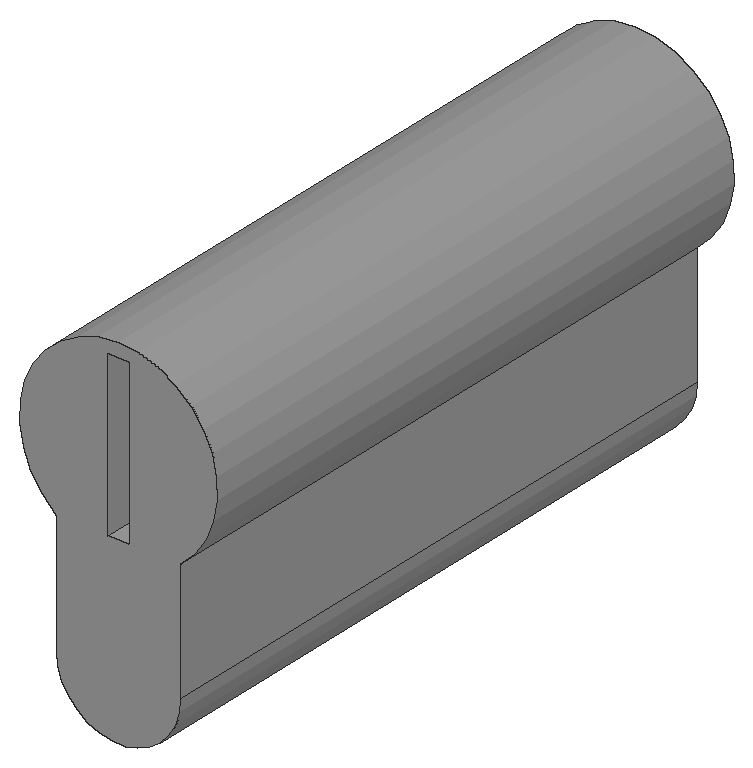
Revit family "DDC056501", category Specialty Equipment, Revit 2012
Parameters (values of type "DDC056501")
  Type Comments = "DORMA DDC056501"
  Model = "DDC056501"
  Manufacturer = "DORMA"
  Description = "DORMA DDC056501 NICKEL PLATED 65mm CYLINDER"
Reference planes
  plane 1 "Center (Front/Back)": y = 0
  plane 2: z = 0
  plane 3 "Center (Left/Right)": x = 0
Forms (mm)
  Sweep 1, solid, material "Default"
    path origin (2.878, 2.473, -0.406) x (1, 0, 0) y (0, 1, 0)
      loop
        line (17.5, -32.5) -> (17.5, 32.5)
    profile origin (20.378, 2.473, -0.406) x (-1, 0, 0) y (0, 0, 1)
      loop
        line (-6.25, 20.194) -> (-6.25, 8)
        arc (-6.25, 8) -> (0, 1.75) -> (6.25, 8) r 6.25
        line (6.25, 8) -> (6.25, 20.194)
        arc (6.25, 20.194) -> (0, 38) -> (-6.25, 20.194) r 10
      loop
        line (1.122, 36.653) -> (-1.103, 36.653) -> (-1.103, 20.156) -> (1.122, 20.156) -> (1.122, 36.653)
Dimensions and locks
  aligned and locked: level to plane 2
